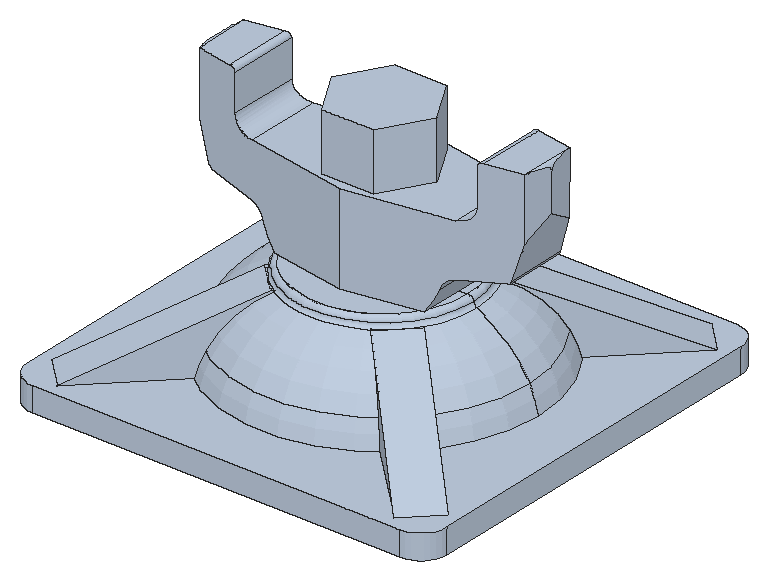
Revit family "PLATE WASHER NUT 15_1900256", category Generic Models, Revit 2018
Family settings
  Can host rebar = No
  Round Connector Dimension = Use Diameter
  Part Type = Normal
  OmniClass Number = 35.51.14.00
  OmniClass Title = FORMWORK
  Work Plane-Based = Yes
  Always vertical = No
  Cut with Voids When Loaded = No
  Shared = Yes
  Room Calculation Point = No
Parameters
  VERSION = "20170217"  # constant formula
  URL = "www.ulmaconstruction.com/en"
  UNICLASS = ""
  Manufacturer = "ULMA CONSTRUCTION"  # constant formula
  ITEM_WEIGHT = 1.40 kg
  ITEM_CODE = "1900256"
  FILTER [instance] = ""
  Default Elevation = 0.000 mm
  CLASSIFICATION_TITLE = ""
  CLASSIFICATION_NUMBER = ""
Reference planes
  plane 1 "Centro (Frontal/Posterior)": y = 0
  plane 2: z = 0
  plane 3 "Centro (Izquierda/Derecha)": x = 0
  plane 4 "SECTION": through (-43.557, -43.557, 1200) normal (-0.7071, 0.7071, 0)
Forms (mm)
  Extrusion 1, solid, material "ULMA STEEL", detail levels fine
    sketch origin (0, 0, 0) x (1, 0, 0) y (0, 1, 0)
      loop
        spline (-52.513, 59.998) -> (-53.491, 59.933) -> (-54.453, 59.743) -> (-55.381, 59.428) -> (-56.259, 58.995) -> (-57.074, 58.451) -> (-57.81, 57.805) -> (-58.456, 57.069) -> (-59, 56.254) -> (-59.433, 55.376) -> (-59.748, 54.448) -> (-59.939, 53.486) -> (-60.003, 52.508)
        line (-60.003, 52.508) -> (-60.003, -52.513)
        spline (-60.003, -52.513) -> (-59.939, -53.491) -> (-59.748, -54.453) -> (-59.433, -55.38) -> (-59, -56.259) -> (-58.456, -57.074) -> (-57.81, -57.81) -> (-57.074, -58.456) -> (-56.259, -59) -> (-55.381, -59.433) -> (-54.453, -59.747) -> (-53.491, -59.938) -> (-52.513, -60.002)
        line (-52.513, -60.002) -> (52.508, -60.002)
        spline (52.508, -60.002) -> (53.486, -59.938) -> (54.447, -59.747) -> (55.375, -59.433) -> (56.254, -59) -> (57.069, -58.456) -> (57.805, -57.81) -> (58.451, -57.074) -> (58.995, -56.259) -> (59.428, -55.38) -> (59.742, -54.453) -> (59.933, -53.491) -> (59.997, -52.513)
        line (59.997, -52.513) -> (59.997, 52.508)
        spline (59.997, 52.508) -> (59.933, 53.486) -> (59.742, 54.448) -> (59.428, 55.376) -> (58.995, 56.254) -> (58.451, 57.069) -> (57.805, 57.805) -> (57.069, 58.451) -> (56.254, 58.995) -> (55.375, 59.428) -> (54.447, 59.743) -> (53.486, 59.933) -> (52.508, 59.998)
        line (52.508, 59.998) -> (-52.513, 59.998)
    from 0 to 7
  Revolve 2, solid, material "ULMA STEEL", detail levels fine
    sketch origin (0, 0, 0) x (1, 0, 0) y (0, 0, 1)
      loop
        arc (-26.403, 28.248) -> (-35.162, 22.492) -> (-41.502, 14.146) r 31
        arc (-41.502, 14.146) -> (-43.054, 10.655) -> (-44.164, 7) r 31
        line (-44.164, 7) -> (-0.003, 7) -> (-0.003, 31) -> (-24.005, 31)
        arc (-24.005, 31) -> (-25.044, 30.582) -> (-25.504, 29.561) r 1.5
        arc (-25.504, 29.561) -> (-25.765, 28.776) -> (-26.403, 28.248) r 1.5
      axis (-0.003, 31) -> (-0.003, 7)
    angle from 0 to 360
  Revolve 3, void
    sketch origin (0, 0, 0) x (1, 0, 0) y (0, 0, 1)
      loop
        line (-0.003, 24.59) -> (-17.503, 24.59)
        arc (-17.503, 24.59) -> (-32.823, 16.292) -> (-39.002, 0) r 25
        line (-39.002, 0) -> (-0.003, 0) -> (-0.003, 24.59)
      axis (-0.003, 24.59) -> (-0.003, 0)
    angle from 0 to 360
  Extrusion 4, solid, material "ULMA STEEL", detail levels fine
    sketch origin (0, 0, 0) x (1, 0, 0) y (0, 0, 1)
      loop
        spline (-34.633, 71.591) -> (-34.646, 71.778) -> (-34.686, 71.962) -> (-34.753, 72.137) -> (-34.845, 72.303) -> (-34.96, 72.455) -> (-35.098, 72.593) -> (-35.255, 72.713) -> (-35.43, 72.814) -> (-35.619, 72.895) -> (-35.82, 72.953) -> (-36.029, 72.988) -> (-36.244, 73)
        line (-36.244, 73) -> (-46.516, 73)
        spline (-46.516, 73) -> (-46.711, 72.987) -> (-46.903, 72.95) -> (-47.088, 72.888) -> (-47.262, 72.804) -> (-47.424, 72.697) -> (-47.569, 72.57) -> (-47.697, 72.425) -> (-47.805, 72.265) -> (-47.89, 72.092) -> (-47.952, 71.909) -> (-47.99, 71.718) -> (-48.003, 71.524)
        line (-48.003, 71.524) -> (-48.003, 60) -> (-43.372, 44.854)
        spline (-43.372, 44.854) -> (-43.327, 44.727) -> (-43.271, 44.605) -> (-43.204, 44.489) -> (-43.127, 44.38) -> (-43.041, 44.278) -> (-42.946, 44.184) -> (-42.842, 44.099) -> (-42.732, 44.023) -> (-42.615, 43.958) -> (-42.492, 43.904) -> (-42.365, 43.861) -> (-42.235, 43.83)
        line (-42.235, 43.83) -> (-29.114, 41.279)
        arc (-29.114, 41.279) -> (-26.79, 40.152) -> (-25.33, 38.021) r 5.036
        arc (-25.33, 38.021) -> (-23.65, 34.351) -> (-21.401, 31) r 25
        line (-21.401, 31) -> (21.401, 31)
        arc (21.401, 31) -> (23.65, 34.351) -> (25.33, 38.021) r 25
        arc (25.33, 38.021) -> (26.79, 40.152) -> (29.114, 41.279) r 5.036
        line (29.114, 41.279) -> (42.235, 43.83)
        spline (42.235, 43.83) -> (42.365, 43.861) -> (42.492, 43.904) -> (42.615, 43.958) -> (42.732, 44.023) -> (42.842, 44.099) -> (42.946, 44.184) -> (43.041, 44.278) -> (43.127, 44.38) -> (43.204, 44.489) -> (43.271, 44.605) -> (43.327, 44.727) -> (43.372, 44.854)
        line (43.372, 44.854) -> (48.003, 60) -> (48.003, 71.524)
        spline (48.003, 71.524) -> (47.99, 71.718) -> (47.952, 71.909) -> (47.89, 72.092) -> (47.805, 72.265) -> (47.697, 72.425) -> (47.569, 72.57) -> (47.424, 72.697) -> (47.262, 72.804) -> (47.088, 72.888) -> (46.903, 72.95) -> (46.711, 72.987) -> (46.516, 73)
        line (46.516, 73) -> (36.244, 73)
        spline (36.244, 73) -> (36.029, 72.988) -> (35.82, 72.953) -> (35.619, 72.895) -> (35.43, 72.814) -> (35.255, 72.713) -> (35.098, 72.593) -> (34.96, 72.455) -> (34.845, 72.303) -> (34.753, 72.137) -> (34.686, 71.962) -> (34.646, 71.778) -> (34.633, 71.591)
        line (34.633, 71.591) -> (34.633, 61.278)
        spline (34.633, 61.278) -> (34.587, 60.652) -> (34.453, 60.042) -> (34.231, 59.456) -> (33.925, 58.904) -> (33.54, 58.395) -> (33.081, 57.937) -> (32.557, 57.536) -> (31.975, 57.199) -> (31.344, 56.931) -> (30.674, 56.737) -> (29.976, 56.619) -> (29.261, 56.58)
        line (29.261, 56.58) -> (-29.261, 56.58)
        spline (-29.261, 56.58) -> (-29.976, 56.619) -> (-30.674, 56.737) -> (-31.344, 56.931) -> (-31.975, 57.199) -> (-32.557, 57.536) -> (-33.081, 57.937) -> (-33.54, 58.395) -> (-33.925, 58.904) -> (-34.231, 59.456) -> (-34.453, 60.042) -> (-34.587, 60.652) -> (-34.633, 61.278)
        line (-34.633, 61.278) -> (-34.633, 71.591)
    from -16 to 16
  Extrusion 5, solid, material "ULMA STEEL", detail levels fine
    sketch origin (0, 0, 0) x (1, 0, 0) y (0, 1, 0)
      loop
        line (7.497, 12.988) -> (-7.503, 12.988) -> (-15.003, -0.002) -> (-7.503, -12.993) -> (7.497, -12.993) -> (14.997, -0.002) -> (7.497, 12.988)
    from 56.58 to 73
  Extrusion 6, void
    sketch origin (0, 0, 0) x (1, 0, 0) y (0, 1, 0)
      loop
        line (-48.003, -0.002) -> (-46.491, 7.998) -> (-0.003, 15.998) -> (-0.003, 25) -> (-54.003, 25) -> (-54.003, -25) -> (-0.003, -25) -> (-0.003, -16.002) -> (-46.491, -8.002) -> (-48.003, -0.002)
    from 31 to 73
  Extrusion 7, void
    sketch origin (0, 0, 0) x (-1, 0, 0) y (0, -1, 0)
      loop
        line (-48.003, 0.002) -> (-46.491, 8.002) -> (-0.003, 16.002) -> (-0.003, 25) -> (-54.003, 25) -> (-54.003, -25) -> (-0.003, -25) -> (-0.003, -15.998) -> (-46.491, -7.998) -> (-48.003, 0.002)
    from 31 to 73
  Extrusion 8, solid, material "ULMA STEEL", detail levels fine
    sketch origin (0, 0, 0) x (-0.707107, -0.707107, 0) y (0, 0, 1)
      loop
        line (74.156, 7) -> (26.229, 28.338) -> (-26.222, 28.338) -> (-74.149, 7) -> (74.156, 7)
    from -6 to 6
  Extrusion 9, solid, material "ULMA STEEL", detail levels fine
    sketch origin (0, 0, 0) x (0.707107, -0.707107, 0) y (0, 0, -1)
      loop
        line (74.156, -7) -> (-74.149, -7) -> (-26.222, -28.338) -> (26.229, -28.338) -> (74.156, -7)
    from -6 to 6
  Extrusion 10, solid, material "ULMA STEEL", detail levels coarse+medium
    sketch origin (0, 0, 0) x (1, 0, 0) y (0, 1, 0)
      loop
        line (59.997, 59.998) -> (-60.003, 59.998) -> (-60.003, -60.002) -> (59.997, -60.002) -> (59.997, 59.998)
    from 0 to 7
Cuts and joins
  Revolve 3 cuts Extrusion 1
  Revolve 3 cuts Revolve 2
  Extrusion 6, Extrusion 7 cuts Extrusion 4
  joined: Extrusion 1, Revolve 2, Extrusion 4, Extrusion 5
  Revolve 3 cuts Extrusion 8
  Revolve 3 cuts Extrusion 9
  joined: Extrusion 8, Extrusion 9
Lines and regions (mm)
  model lines, style "ULMA CLAMPS", detail levels fine
    curve 1: circle (0, 0, 73) r 7.5 normal (0, 0, 1)
Dimensions and locks
  aligned and locked: level to plane 2
